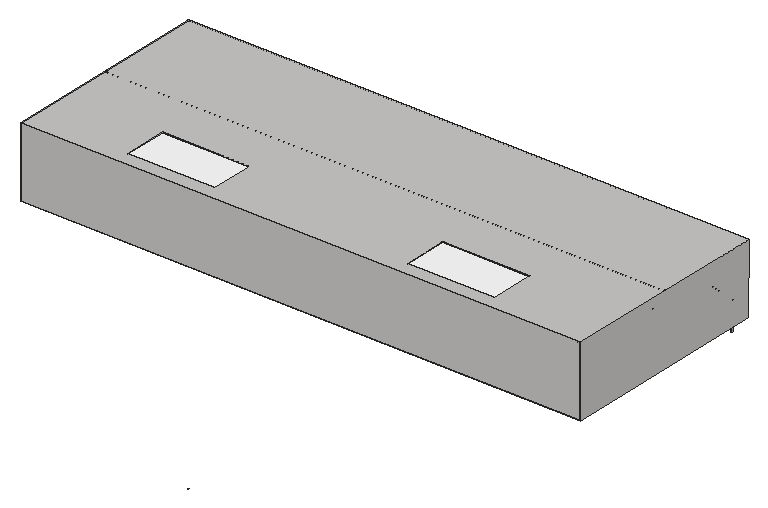
Revit family "QF_ELECTROLUXPROFESSIONAL_640193_EPF1232", category Specialty Equipment, Revit 2014
Reference planes
  plane 1: z = 0
  plane 2 "Center (Left/Right)": x = 150
  plane 3 "LEFT": x = -1450
  plane 4 "RIGHT": x = 1750
  plane 5 "BACK": y = 550
  plane 6 "TOP": z = 2400
  plane 7 "Base": z = 2000
  plane 8: z = 1970
  plane 9 "DrainY": y = 450
  plane 10: x = -1447
  plane 11: y = -320
  plane 12: y = -570
  plane 13 "DrainX": x = 1737
  plane 14 "AOLeft2": x = -400
  plane 15 "AORight1": x = 700
  plane 16: x = 1747
  plane 17: x = -1250
  plane 18: x = 1550
  plane 19 "Center (Front/Back)": y = -50
  plane 20 "Front": y = -650
  plane 21: through (0, -49.6, 2399.19) normal (0, -0.5736, 0.8192)
  plane 22: x = 50
  plane 23: x = 250
  plane 24 "AOLeft1": x = -900
  plane 25 "AORight2": x = 1200
Forms (mm)
  Extrusion 1, solid, material "QF_Finishes_Stainless Steel"
    sketch origin (-1450, 0, 360) x (0, 1, 0) y (0, 0, 1)
      loop
        line (550, 1640) -> (550, 2040) -> (-650, 2040) -> (-650, 1640) -> (550, 1640)
    from 0 to 3
  Extrusion 2, solid, material "QF_Finishes_Stainless Steel"
    sketch origin (1750, 0, 360) x (0, 1, 0) y (0, 0, 1)
      loop
        line (550, 1640) -> (550, 2040) -> (-650, 2040) -> (-650, 1640) -> (550, 1640)
    from 0 to -3
  Extrusion 3, solid, material "QF_Finishes_Stainless Steel"
    sketch origin (150, 0, 360) x (0, 1, 0) y (0, 0, 1)
      loop
        line (-650, 2040) -> (-650, 1640) -> (-640, 1640) -> (-640, 1640.8) -> (-649.2, 1640.8) -> (-649.2, 2039.19) -> (549.2, 2039.19) -> (549.2, 1640.8) -> (540, 1640.8) -> (540, 1640) -> (550, 1640) -> (550, 2040) -> (-650, 2040)
    from -1600 to 1600
  Extrusion 4, solid, material "QF_Finishes_Stainless Steel"
    sketch origin (0, 0, 2000) x (0, 1, 0) y (-1, 0, 0)
      loop
        circle (450, -1737) r 4.763
    from -30 to 0
  Extrusion 5, void
    sketch origin (0, 0, 2400) x (0, 1, 0) y (-1, 0, 0)
      loop
        line (-320, 400) -> (-320, 900) -> (-570, 900) -> (-570, 400) -> (-320, 400)
    from 0 to -10
  Extrusion 6, solid, material "QF_Finishes_Stainless Steel"
    sketch origin (0, 0, 0) x (1, 0, 0) y (0, 1, 0)
      loop
        line (-1450, 550) -> (-1450, 549) -> (-1449, 549) -> (-1449, 550) -> (-1450, 550)
    from 0 to 1
  Extrusion 7, solid, material "QF_Finishes_Stainless Steel"
    sketch origin (150, 0, 360) x (0, 1, 0) y (0, 0, 1)
      loop
        line (-131.515, 1981.832) -> (-134.381, 1985.926) -> (-573.276, 1678.608) -> (-570.553, 1674.415) -> (-131.515, 1981.832)
    from -1400 to -1597
  Extrusion 8, solid, material "QF_Finishes_Stainless Steel"
    sketch origin (150, 0, 360) x (0, 1, 0) y (0, 0, 1)
      loop
        line (-650, 2039.19) -> (-650, 1640) -> (-619.702, 1640) -> (-570.553, 1674.415) -> (-578.723, 1686.995) -> (-579.394, 1686.559) -> (-571.645, 1674.627) -> (-619.955, 1640.8) -> (-649.2, 1640.8) -> (-649.2, 2039.19) -> (-650, 2039.19)
      loop
        line (-49.6, 2039.19) -> (-50.995, 2039.19) -> (-131.319, 1982.947) -> (-139.464, 1994.578) -> (-140.119, 1994.12) -> (-131.515, 1981.832) -> (-49.6, 2039.19)
    from -1597 to 1597
  Extrusion 9, solid, material "QF_Finishes_Stainless Steel"
    sketch origin (150, 0, 360) x (0, 1, 0) y (0, 0, 1)
      loop
        line (-131.515, 1981.832) -> (-134.381, 1985.926) -> (-573.276, 1678.608) -> (-570.553, 1674.415) -> (-131.515, 1981.832)
    from 1597 to 1400
  Extrusion 10, solid, material "QF_Finishes_Stainless Steel"
    sketch origin (150, 0, 360) x (0, 1, 0) y (0, 0, 1)
      loop
        line (-131.515, 1981.832) -> (-134.381, 1985.926) -> (-573.276, 1678.608) -> (-570.553, 1674.415) -> (-131.515, 1981.832)
    from -100 to 100
  Extrusion 11, solid, material "QF_Finished_Chrome"
    sketch origin (150, 0, 360) x (0, 1, 0) y (0, 0, 1)
      loop
        line (-131.515, 1981.832) -> (-134.381, 1985.926) -> (-573.276, 1678.608) -> (-570.553, 1674.415) -> (-131.515, 1981.832)
    from -1400 to -100
  Extrusion 12, solid, material "QF_Finished_Chrome"
    sketch origin (150, 0, 360) x (0, 1, 0) y (0, 0, 1)
      loop
        line (-131.515, 1981.832) -> (-134.381, 1985.926) -> (-573.276, 1678.608) -> (-570.553, 1674.415) -> (-131.515, 1981.832)
    from 100 to 1400
  Sweep 13, solid, material "QF_Finishes_Stainless Steel"
    path origin (0, 0, 0) x (1, 0, 0) y (0, 1, 0)
      loop
        line (1750, 550) -> (-1450, 550) -> (-1450, -650) -> (1750, -650) -> (1750, 550)
    profile origin (1750, -50, 0) x (1, 0, 0) y (0, 0, 1)
      loop
        line (-3, 2000) -> (-3, 2000.8) -> (-19, 2000.8) -> (-19, 2010) -> (-20, 2010) -> (-20, 2000) -> (-3, 2000)
  Extrusion 14, solid, material "QF_Finishes_Stainless Steel"
    sketch origin (150, 0, 0) x (0, 1, 0) y (0, 0, 1)
      loop
        line (549.2, 2040.8) -> (549.2, 2041.877) -> (289.521, 2275.693) -> (-43.438, 2399.19) -> (-45.739, 2399.19) -> (289.099, 2274.996) -> (549.2, 2040.8)
    from -1597 to 1597
  Extrusion 15, void
    sketch origin (1134.605, 0, 2400) x (0, 1, 0) y (-1, 0, 0)
      loop
        line (-320, -65.395) -> (-320, 434.605) -> (-570, 434.605) -> (-570, -65.395) -> (-320, -65.395)
    from 0 to -10
Cuts and joins
  Extrusion 5, Extrusion 15 cuts Extrusion 3
  joined: Extrusion 2, Extrusion 3, Sweep 13
Lines and regions (mm)
  symbolic lines, style "SpecialityEquipment", detail levels coarse
    curve 1: line (1750, 550, 2400) -> (-1450, 550, 2400)
    curve 2: line (-1450, 550, 2400) -> (-1450, -650, 2400)
    curve 3: line (1750, -650, 2400) -> (1750, 550, 2400)
    curve 4: line (-1450, 550, 0) -> (1750, -650, 0)
    curve 5: line (1750, 550, 0) -> (-1450, -650, 0)
    curve 6: line (-1450, -650, 0) -> (1750, -650, 0)
    curve 7: line (-400, -320, 0) -> (-900, -320, 0)
    curve 8: line (-400, -570, 0) -> (-400, -320, 0)
    curve 9: line (-900, -570, 0) -> (-400, -570, 0)
    curve 10: line (-900, -320, 0) -> (-900, -570, 0)
    curve 11: line (700, -320, 0) -> (700, -570, 0)
    curve 12: line (1200, -320, 0) -> (700, -320, 0)
    curve 13: line (1200, -570, 0) -> (1200, -320, 0)
    curve 14: line (700, -570, 0) -> (1200, -570, 0)
Dimensions and locks
  plane 3 "LEFT" to plane 4 "RIGHT" = 3200 mm
  equal spacing: plane 3 "LEFT", plane 2 "Center (Left/Right)", plane 4 "RIGHT"
  plane 7 "Base" to plane 8 = 30 mm
  plane 5 "BACK" to plane 9 "DrainY" = 100 mm  (x2)
  plane 3 "LEFT" to plane 10 = 3 mm
  plane 13 "DrainX" to plane 4 "RIGHT" = 13 mm
  plane 16 to plane 4 "RIGHT" = 3 mm
  plane 3 "LEFT" to plane 17 = 200 mm
  plane 18 to plane 4 "RIGHT" = 200 mm
  locked: plane 14 "AOLeft2" to plane 15 "AORight1" at 1100
  equal spacing: plane 14 "AOLeft2", plane 2 "Center (Left/Right)", plane 15 "AORight1"
  locked: plane 7 "Base" to level at 2000
  locked: plane 6 "TOP" to plane 7 "Base" at 400
  plane 5 "BACK" to plane 20 "Front" = 1200 mm  (x2)
  equal spacing: plane 5 "BACK", plane 19 "Center (Front/Back)", plane 20 "Front"
  locked: plane 22 to plane 23 at 200
  equal spacing: plane 22, plane 2 "Center (Left/Right)", plane 23
  plane 12 to plane 20 "Front" = 80 mm
  locked: plane 11 to plane 12 at 250
  locked: plane 24 "AOLeft1" to plane 14 "AOLeft2" at 500
  locked: plane 15 "AORight1" to plane 25 "AORight2" at 500
  aligned and locked: level to plane 1
  aligned and locked: plane 4 "RIGHT" to Extrusion 3
  aligned and locked: Extrusion 3 to plane 3 "LEFT"
  aligned and locked: Extrusion 5 to plane 12
  aligned and locked: Extrusion 5 to plane 11
  aligned and locked: Extrusion 7 to plane 10
  aligned and locked: Extrusion 7 to plane 17
  aligned and locked: Extrusion 2 to plane 16
  aligned and locked: plane 16 to Extrusion 9
  aligned and locked: plane 18 to Extrusion 9
  aligned and locked: plane 23 to Extrusion 10
  aligned and locked: Extrusion 10 to plane 22
  aligned and locked: plane 22 to Extrusion 11
  aligned and locked: Extrusion 11 to plane 17
  aligned and locked: Extrusion 12 to plane 23
  aligned and locked: Extrusion 12 to plane 18
  aligned and locked: Extrusion 14 to plane 10
  aligned and locked: plane 16 to Extrusion 14
  aligned and locked: Extrusion 8 to plane 10
  aligned and locked: plane 16 to Extrusion 8
  aligned and locked: Extrusion 5 to plane 24 "AOLeft1"
  aligned and locked: Extrusion 5 to plane 14 "AOLeft2"
  aligned and locked: plane 25 "AORight2" to Extrusion 15
  aligned and locked: plane 15 "AORight1" to Extrusion 15
Automatic sketch dimensions
  Extrusion 1 sketch curve to plane 7 "Base" = 0 mm
  Extrusion 1 sketch curve to plane 20 "Front" = 0 mm
  Extrusion 1 sketch curve to plane 5 "BACK" = 0 mm
  Extrusion 1 sketch curve to plane 6 "TOP" = 0 mm
  Extrusion 2 sketch curve to plane 7 "Base" = 0 mm
  Extrusion 2 sketch curve to plane 20 "Front" = 0 mm
  Extrusion 2 sketch curve to plane 5 "BACK" = 0 mm
  Extrusion 2 sketch curve to plane 6 "TOP" = 0 mm
  Extrusion 3 sketch curve to plane 6 "TOP" = 0 mm
  Extrusion 3 sketch curve to plane 20 "Front" = 0 mm
  Extrusion 3 sketch curve to plane 7 "Base" = 0 mm  (x2)
  Extrusion 3 sketch curve to plane 5 "BACK" = 0 mm
  plane 20 "Front" to Extrusion 3 sketch curve = 0.8 mm
  Extrusion 3 sketch curve to Extrusion 3 sketch curve = 9.2 mm
  plane 7 "Base" to Extrusion 3 sketch curve = 0.8 mm  (x2)
  Extrusion 3 sketch curve to plane 5 "BACK" = 10 mm
  Extrusion 3 sketch curve to plane 5 "BACK" = 0.8 mm
  Extrusion 3 sketch curve to plane 6 "TOP" = 0.81 mm
  Extrusion 4 sketch curve to plane 9 "DrainY" = 0 mm
  Extrusion 4 sketch curve to plane 13 "DrainX" = 0 mm
  Extrusion 5 sketch curve to plane 12 = 0 mm
  plane 11 to Extrusion 5 sketch curve = 0 mm
  Extrusion 5 sketch curve to plane 14 "AOLeft2" = 0 mm
  Extrusion 5 sketch curve to plane 24 "AOLeft1" = 0 mm
  Extrusion 6 sketch curve to plane 3 "LEFT" = 0 mm
  Extrusion 6 sketch curve to plane 5 "BACK" = 0 mm
  plane 3 "LEFT" to Extrusion 6 sketch curve = 1 mm
  Extrusion 6 sketch curve to Extrusion 6 sketch curve = 1 mm
  Extrusion 7 sketch curve to plane 21 = 0 mm  (x2)
  Extrusion 7 sketch curve to plane 12 = 3.276 mm
  Extrusion 7 sketch curve to plane 12 = 0.553 mm
  Extrusion 7 sketch curve to plane 6 "TOP" = 54.074 mm
  Extrusion 7 sketch curve to plane 19 "Center (Front/Back)" = 84.381 mm
  Extrusion 8 sketch curve to plane 20 "Front" = 0 mm
  Extrusion 8 sketch curve to plane 7 "Base" = 0 mm
  Extrusion 8 sketch curve to plane 21 = 0 mm  (x4)
  plane 20 "Front" to Extrusion 8 sketch curve = 0.8 mm
  Extrusion 8 sketch curve to Extrusion 8 sketch curve = 0.252 mm
  Extrusion 8 sketch curve to plane 12 = 9.394 mm
  Extrusion 8 sketch curve to Extrusion 8 sketch curve = 0.671 mm
  Extrusion 8 sketch curve to plane 12 = 1.645 mm
  Extrusion 8 sketch curve to plane 12 = 0.553 mm
  Extrusion 8 sketch curve to plane 6 "TOP" = 45.88 mm
  Extrusion 8 sketch curve to plane 19 "Center (Front/Back)" = 90.119 mm
  Extrusion 8 sketch curve to plane 6 "TOP" = 45.422 mm
  Extrusion 8 sketch curve to plane 6 "TOP" = 57.053 mm
  Extrusion 8 sketch curve to plane 6 "TOP" = 0.81 mm  (x2)
  plane 7 "Base" to Extrusion 8 sketch curve = 0.8 mm
  Extrusion 8 sketch curve to Extrusion 8 sketch curve = 0.212 mm
  Extrusion 9 sketch curve to plane 21 = 0 mm  (x2)
  Extrusion 9 sketch curve to plane 12 = 3.276 mm
  Extrusion 9 sketch curve to plane 12 = 0.553 mm
  Extrusion 9 sketch curve to plane 6 "TOP" = 54.074 mm
  Extrusion 9 sketch curve to plane 19 "Center (Front/Back)" = 84.381 mm
  Extrusion 10 sketch curve to plane 21 = 0 mm  (x2)
  Extrusion 10 sketch curve to plane 12 = 3.276 mm
  Extrusion 10 sketch curve to plane 12 = 0.553 mm
  Extrusion 10 sketch curve to plane 6 "TOP" = 54.074 mm
  Extrusion 10 sketch curve to plane 19 "Center (Front/Back)" = 84.381 mm
  Extrusion 11 sketch curve to plane 21 = 0 mm  (x2)
  Extrusion 11 sketch curve to plane 12 = 3.276 mm
  Extrusion 11 sketch curve to plane 12 = 0.553 mm
  Extrusion 11 sketch curve to plane 6 "TOP" = 54.074 mm
  Extrusion 11 sketch curve to plane 19 "Center (Front/Back)" = 84.381 mm
  Extrusion 12 sketch curve to plane 21 = 0 mm  (x2)
  Extrusion 12 sketch curve to plane 12 = 3.276 mm
  Extrusion 12 sketch curve to plane 12 = 0.553 mm
  Extrusion 12 sketch curve to plane 6 "TOP" = 54.074 mm
  Extrusion 12 sketch curve to plane 19 "Center (Front/Back)" = 84.381 mm
  Sweep 13 sketch curve to plane 3 "LEFT" = 0 mm
  Sweep 13 sketch curve to plane 4 "RIGHT" = 0 mm
  Sweep 13 sketch curve to plane 20 "Front" = 0 mm
  Sweep 13 sketch curve to plane 5 "BACK" = 0 mm
  profile plane to Sweep 13 sketch curve = 20 mm
  Sweep 13 sketch curve to Sweep 13 sketch curve = 1 mm
  profile plane to Sweep 13 sketch curve = 3 mm
  level to Sweep 13 sketch curve = 2000 mm
  Sweep 13 sketch curve to Sweep 13 sketch curve = 0.8 mm
  Sweep 13 sketch curve to Sweep 13 sketch curve = 9.2 mm
  Extrusion 14 sketch curve to plane 6 "TOP" = 0.81 mm  (x2)
  plane 19 "Center (Front/Back)" to Extrusion 14 sketch curve = 6.562 mm
  Extrusion 14 sketch curve to plane 9 "DrainY" = 160.901 mm
  Extrusion 14 sketch curve to Extrusion 14 sketch curve = 0.422 mm
  Extrusion 14 sketch curve to plane 5 "BACK" = 0.8 mm
  Extrusion 14 sketch curve to plane 6 "TOP" = 124.307 mm
  Extrusion 14 sketch curve to Extrusion 14 sketch curve = 0.697 mm
  plane 7 "Base" to Extrusion 14 sketch curve = 41.877 mm
  Extrusion 14 sketch curve to Extrusion 14 sketch curve = 1.077 mm
  Extrusion 14 sketch curve to Extrusion 14 sketch curve = 2.3 mm
  Extrusion 15 sketch curve to plane 12 = 0 mm
  plane 11 to Extrusion 15 sketch curve = 0 mm
  Extrusion 15 sketch curve to plane 15 "AORight1" = 500 mm
  plane 23 to Extrusion 15 sketch curve = 450 mm
  curve 5 to plane 3 "LEFT" = 0 mm
  curve 4 to plane 3 "LEFT" = 0 mm
  curve 6 to plane 20 "Front" = 0 mm
  curve 5 to plane 4 "RIGHT" = 0 mm
  curve 6 to plane 4 "RIGHT" = 0 mm
  curve 5 to plane 5 "BACK" = 0 mm
  curve 4 to plane 5 "BACK" = 0 mm
  curve 2 to plane 3 "LEFT" = 0 mm
  curve 2 to plane 20 "Front" = 0 mm
  curve 3 to plane 4 "RIGHT" = 0 mm
  curve 3 to plane 20 "Front" = 0 mm
  curve 2 to plane 5 "BACK" = 0 mm
  plane 11 to curve 7 = 0 mm
  curve 7 to plane 24 "AOLeft1" = 0 mm
  curve 8 to plane 12 = 0 mm
  curve 8 to plane 14 "AOLeft2" = 0 mm
  plane 11 to curve 11 = 0 mm
  curve 11 to plane 15 "AORight1" = 0 mm
  curve 12 to plane 25 "AORight2" = 0 mm
  curve 13 to plane 12 = 0 mm
  radius of Extrusion 4 sketch curve = 4.763 mm
Connectors
  piping at (1737, 450, 1970), diameter 9.5
    settings: on Extrusion 4, index 1, connector inside diameter 609.6 mm, connector length 0 mm, flow factor 0, pipe flow 0.0 L/s, pressure drop 0.0 Pa, fitting loss kfactor 0, connector angle 0.00°, fixture units 0, engagement length 0 mm, angle of deflection 0.00°, flow configuration 1, flow direction 2, fitting loss method 0, system type 16, joint type 0, gender type 0, connector reference index -1, connector utility 0, adjustable connector no, is connector primary yes, connector description "Drain"
  hvac at (-650, -445, 2400)
    settings: on Extrusion 5, index 2, duct flow 0.0 L/s, flow factor 0, pres drop 0.0 Pa, loss coef 0, conn angle 0.00°, conn width 250 mm, conn height 500 mm, conn diameter 609.6 mm, duct sys type 3, conn prof type 1, flow config 1, flow direction 2, loss method 0, conn ref index -1, conn util no, is conn primary yes, conn desc "EXHAUST OUTLET"
  hvac at (950, -445, 2400)
    settings: on Extrusion 15, index 3, duct flow 0.0 L/s, flow factor 0, pres drop 0.0 Pa, loss coef 0, conn angle 0.00°, conn width 250 mm, conn height 500 mm, conn diameter 609.6 mm, duct sys type 3, conn prof type 1, flow config 1, flow direction 2, loss method 0, conn ref index -1, conn util no, is conn primary no, conn desc "EXHAUST OUTLET"
